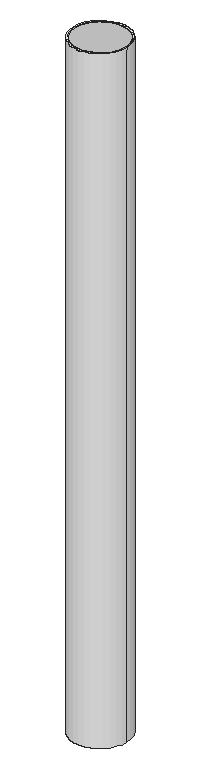
Revit family
Parameters (values of type "CFT216.3x6")
  콘크리트 기둥 재료 [instance] = 콘크리트 - 현장타설 콘크리트
  기둥 재료 [instance] = 금속 - 스틸 - 345 MPa
  Assembly Code = ""
  A = 0.004 m²
  W = 0.30499
  OD = 216.3 mm
  t = 6 mm
Reference planes
  plane 1 "중심(앞/뒤)": y = 0
  plane 2: z = 0
  plane 3 "중심(왼쪽/오른쪽)": x = 0
  plane 4: x = -108.15
  plane 5: x = 108.15
  plane 6: y = 108.15
  plane 7: y = -108.15
  plane 8: x = -102.15
  plane 9: x = 102.15
Forms (mm)
  Extrusion 1, solid, material "금속 - 스틸 - 345 MPa" <- "기둥 재료", detail levels medium+fine
    sketch origin (0, 0, 0) x (1, 0, 0) y (0, 1, 0)
      loop
        circle (0, 0) r 108.15
      loop
        circle (0, 0) r 102.15
    from 0 to 2500
  Extrusion 2, solid, material "콘크리트 - 현장타설 콘크리트" <- "콘크리트 기둥 재료", detail levels medium+fine
    sketch origin (0, 0, 0) x (1, 0, 0) y (0, 1, 0)
      loop
        circle (0, 0) r 102.15
    from 0 to 2500
Lines and regions (mm)
  symbolic lines, style "StructuralColumnStickSymbols", detail levels coarse
    curve 1: arc (-108.15, 0, 0) -> (0, -108.15, 0) -> (108.15, 0, 0) r 108.15
    curve 2: arc (108.15, 0, 0) -> (0, 108.15, 0) -> (-108.15, 0, 0) r 108.15
Dimensions and locks
  equal spacing: plane 4, plane 3 "중심(왼쪽/오른쪽)", plane 5
  equal spacing: plane 7, plane 1 "중심(앞/뒤)", plane 6
  "OD": plane 7 to plane 6
  "OD": plane 4 to plane 5
  "t": plane 4 to plane 8
  "t": plane 9 to plane 5
  aligned and locked: level to Extrusion 1
  aligned and locked: level to plane 2
  aligned and locked: Extrusion 1 to plane 2
  aligned and locked: curve 1 to Extrusion 1
  aligned and locked: Extrusion 2 sketch curve to Extrusion 1
  aligned and locked: level to Extrusion 2
  aligned and locked: Extrusion 2 to plane 2
Automatic sketch dimensions
  Extrusion 1 sketch curve to plane 1 "중심(앞/뒤)" = 0 mm  (x2)
  Extrusion 1 sketch curve to plane 4 = 0 mm
  Extrusion 1 sketch curve to plane 8 = 0 mm
  Extrusion 1 sketch curve to plane 3 "중심(왼쪽/오른쪽)" = 0 mm  (x2)
